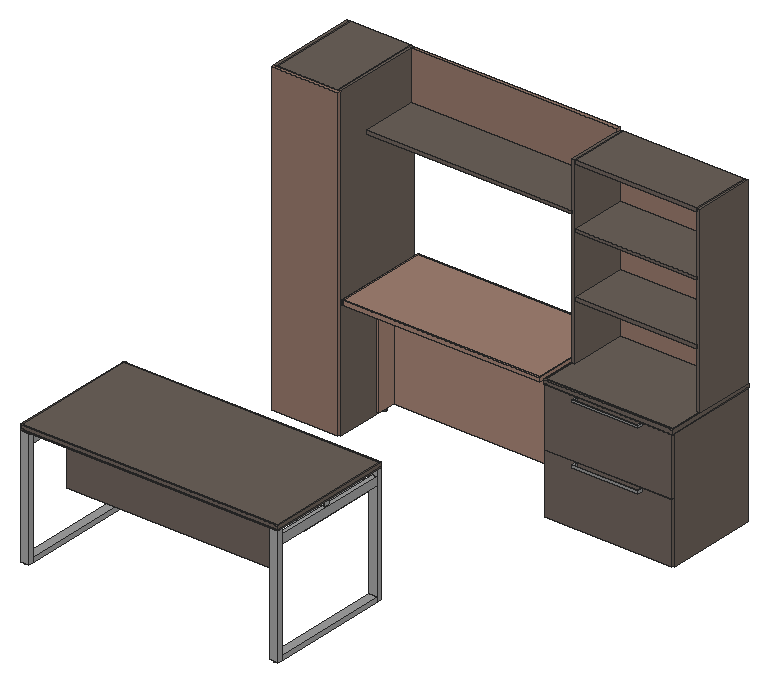
Revit family "T100086", category Furniture Systems, Revit 2022 (continued)
Definition of nested family "OFS STAKS HEIGHT ADJUSTABLE BRIDGE WITH BACK AND END PANEL"
  Nested families (in)
    nested 7: "Grommet" at (18.8125, -3, 29), visible <- "Right Grommet On", Grommet Material <- "Grommet Material", type "Grommet"
      with Grommet Material none
    nested 8: "Pull" at (18.8125, -12, 20.875) x (-1, 0, 0) z (0, 0, 1), type <- "Pull Type", visible <- "Right Side 3 Drawers", Pull Material <- "Pull Finish", type "Parallel"
      with Pull Material none
    nested 9: "Pull" at (18.8125, -12, 27.5) x (-1, 0, 0) z (0, 0, 1), type <- "Pull Type", visible <- "Right Side 3 Drawers", Pull Material <- "Pull Finish", type "Parallel"
      with Pull Material none
    nested 10: "Pull" at (18.8125, -12, 13.875) x (-1, 0, 0) z (0, 0, 1), type <- "Pull Type", visible <- "Right Side 3 Drawers", Pull Material <- "Pull Finish", type "Parallel"
      with Pull Material none
    nested 11: "Pull" at (-18.8125, -12, 27.5) x (-1, 0, 0) z (0, 0, 1), type <- "Pull Type", visible <- "Left Side 3 Drawers", Pull Material <- "Pull Finish", type "Parallel"
      with Pull Material none
    nested 12: "Pull" at (-18.8125, -12, 13.875) x (-1, 0, 0) z (0, 0, 1), type <- "Pull Type", visible <- "Left Side 3 Drawers", Pull Material <- "Pull Finish", type "Parallel"
      with Pull Material none
    nested 13: "Grommet" at (0, -3, 29), visible <- "Center Grommet On", Grommet Material <- "Grommet Material", type "Grommet"
      with Grommet Material none
    nested 14: "Leg Glides" at (-17, -2, 0), Leg Glides Material <- "Leg Glides Material", visible <- "Left Side Pedestal Board", type "Leg Glides"
      with Leg Glides Material none
    nested 15: "Leg Glides" at (-20.625, -2, 0), Leg Glides Material <- "Leg Glides Material", type "Leg Glides"
      with Leg Glides Material none
    nested 16: "Leg Glides" at (-17, -8.875, 0), Leg Glides Material <- "Leg Glides Material", visible <- "Left Side Pedestal Board", type "Leg Glides"
      with Leg Glides Material none
    nested 17: "Leg Glides" at (-20.625, -8.875, 0), Leg Glides Material <- "Leg Glides Material", type "Leg Glides"
      with Leg Glides Material none
    nested 18: "Leg Glides" at (20.625, -2, 0), Leg Glides Material <- "Leg Glides Material", type "Leg Glides"
      with Leg Glides Material none
    nested 19: "Leg Glides" at (17, -2, 0), Leg Glides Material <- "Leg Glides Material", visible <- "Right Side Pedestal Board", type "Leg Glides"
      with Leg Glides Material none
    nested 20: "Leg Glides" at (20.625, -8.875, 0), Leg Glides Material <- "Leg Glides Material", type "Leg Glides"
      with Leg Glides Material none
    nested 21: "Leg Glides" at (17, -8.875, 0), Leg Glides Material <- "Leg Glides Material", visible <- "Right Side Pedestal Board", type "Leg Glides"
      with Leg Glides Material none
    nested 22: "Cable Tray" at (3.89174, -6.75, 28), visible <- "Cable Tray Option", Cable Tray Finish <- "Cable Tray Finish", type "Cable Tray"
      with Length 1' - 11 1/4", Cable Tray Option yes, Cable Tray Finish none
    nested 23: "ADJUSTABLE HEIGHT BASE" at (14.62465, -20.5, -0.705) x (0, -1, 0) z (0, 0, 1), visible <- "Right Side HA Base", Column and Legs Material <- "HA Base Material", type "ADJUSTABLE HEIGHT BASE"
      with Height 2' - 4.705", Column and Legs Material none
    nested 24: "ADJUSTABLE HEIGHT BASE" at (-9.37535, -20.5, -0.705) x (0, -1, 0) z (0, 0, 1), visible <- "Left Side HA Base", type "ADJUSTABLE HEIGHT BASE"
      with Height 2' - 4.705", Column and Legs Material none
  Definition of nested family "Pull"
    Parameters (values of type "Parallel")
      Pull Material [instance] = none
      Parallel = yes
      Default Elevation = 0' - 0"
      Bow = no
    Reference planes (in)
      plane 1 "Center (Front/Back)": y = 0
      plane 2: z = 0
      plane 3 "Center (Left/Right)": x = 0
    Forms (in)
      Extrusion 1, solid, material <- "Pull Material", visible <- "Parallel"
        sketch origin (0, 0, 0) x (1, 0, 0) y (0, 1, 0)
          loop
            line (2.71875, -1) -> (2.71875, 0) -> (2.34375, 0) -> (2.34375, -0.8125) -> (-2.34375, -0.8125) -> (-2.34375, 0) -> (-2.71875, 0) -> (-2.71875, -1) -> (2.71875, -1)
        from -0.23438 to 0.23437
      Extrusion 2, solid, material <- "Pull Material", visible <- "Bow"
        sketch origin (0, 0, 0) x (1, 0, 0) y (0, 1, 0)
          loop
            arc (1.73695, -1) -> (2.43759, -0.70597) -> (2.71858, 0) r 0.9818
            line (2.71858, 0) -> (2.34348, 0)
            arc (2.34348, 0) -> (2.17241, -0.44079) -> (1.73695, -0.625) r 0.6068
            line (1.73695, -0.625) -> (-1.73695, -0.625)
            arc (-1.73695, -0.625) -> (-2.17241, -0.44079) -> (-2.34348, 0) r 0.6068
            line (-2.34348, 0) -> (-2.71858, 0)
            arc (-2.71858, 0) -> (-2.43759, -0.70597) -> (-1.73695, -1) r 0.9818
            line (-1.73695, -1) -> (1.73695, -1)
        from -0.23438 to 0.23437
    Dimensions and locks (in)
      Extrusion 1 to Extrusion 1 = 0' - 0 3/16"
      aligned and locked: plane 2 to level
  Definition of nested family "Grommet"
    Parameters (values of type "Grommet")
      Grommet Material [instance] = none
      Default Elevation = 0' - 0"
    Reference planes (in)
      plane 1 "Center Front/Back": y = 0
      plane 2: z = 0
      plane 3 "Center Left/Right": x = 0
    Forms (in)
      Extrusion 1, solid, material <- "Grommet Material"
        sketch origin (0, 0, 0) x (1, 0, 0) y (0, 1, 0)
          loop
            line (1.2581, 0.90625) -> (-1.2581, 0.90625)
            arc (-1.2581, 0.90625) -> (-1.49544, 0.80794) -> (-1.59375, 0.5706) r 0.33565
            line (-1.59375, 0.5706) -> (-1.59375, -0.5706)
            arc (-1.59375, -0.5706) -> (-1.49544, -0.80794) -> (-1.2581, -0.90625) r 0.33565
            line (-1.2581, -0.90625) -> (1.2581, -0.90625)
            arc (1.2581, -0.90625) -> (1.49544, -0.80794) -> (1.59375, -0.5706) r 0.33565
            line (1.59375, -0.5706) -> (1.59375, 0.5706)
            arc (1.59375, 0.5706) -> (1.49544, 0.80794) -> (1.2581, 0.90625) r 0.33565
          loop
            arc (-0.4465, 0.46875) -> (-0.6832, 0.3707) -> (-0.78125, 0.134) r 0.33475
            line (-0.78125, 0.134) -> (-0.78125, -0.134)
            arc (-0.78125, -0.134) -> (-0.6832, -0.3707) -> (-0.4465, -0.46875) r 0.33475
            line (-0.4465, -0.46875) -> (0.4465, -0.46875)
            arc (0.4465, -0.46875) -> (0.6832, -0.3707) -> (0.78125, -0.134) r 0.33475
            line (0.78125, -0.134) -> (0.78125, 0.134)
            arc (0.78125, 0.134) -> (0.6832, 0.3707) -> (0.4465, 0.46875) r 0.33475
            line (0.4465, 0.46875) -> (-0.4465, 0.46875)
        from 0 to 0.0625
      Extrusion 2, solid, material <- "Grommet Material"
        sketch origin (0, 0, 0) x (1, 0, 0) y (0, 1, 0)
          loop
            line (1.2581, 0.90625) -> (-1.2581, 0.90625)
            arc (-1.2581, 0.90625) -> (-1.49544, 0.80794) -> (-1.59375, 0.5706) r 0.33565
            line (-1.59375, 0.5706) -> (-1.59375, -0.5706)
            arc (-1.59375, -0.5706) -> (-1.49544, -0.80794) -> (-1.2581, -0.90625) r 0.33565
            line (-1.2581, -0.90625) -> (1.2581, -0.90625)
            arc (1.2581, -0.90625) -> (1.49544, -0.80794) -> (1.59375, -0.5706) r 0.33565
            line (1.59375, -0.5706) -> (1.59375, 0.5706)
            arc (1.59375, 0.5706) -> (1.49544, 0.80794) -> (1.2581, 0.90625) r 0.33565
          loop
            line (1.2581, 1) -> (-1.2581, 1)
            arc (-1.2581, 1) -> (-1.56173, 0.87423) -> (-1.6875, 0.5706) r 0.4294
            line (-1.6875, 0.5706) -> (-1.6875, -0.5706)
            arc (-1.6875, -0.5706) -> (-1.56173, -0.87423) -> (-1.2581, -1) r 0.4294
            line (-1.2581, -1) -> (1.2581, -1)
            arc (1.2581, -1) -> (1.56173, -0.87423) -> (1.6875, -0.5706) r 0.4294
            line (1.6875, -0.5706) -> (1.6875, 0.5706)
            arc (1.6875, 0.5706) -> (1.56173, 0.87423) -> (1.2581, 1) r 0.4294
        from 0 to 0.0625
      Sweep 3, solid, material <- "Grommet Material"
        path origin (0, 0, 0) x (1, 0, 0) y (0, 1, 0)
          loop
            arc (-0.4465, 0.46875) -> (-0.6832, 0.3707) -> (-0.78125, 0.134) r 0.33475
            line (-0.78125, 0.134) -> (-0.78125, -0.134)
            arc (-0.78125, -0.134) -> (-0.6832, -0.3707) -> (-0.4465, -0.46875) r 0.33475
            line (-0.4465, -0.46875) -> (0.4465, -0.46875)
            arc (0.4465, -0.46875) -> (0.6832, -0.3707) -> (0.78125, -0.134) r 0.33475
            line (0.78125, -0.134) -> (0.78125, 0.134)
            arc (0.78125, 0.134) -> (0.6832, 0.3707) -> (0.4465, 0.46875) r 0.33475
            line (0.4465, 0.46875) -> (-0.4465, 0.46875)
        profile origin (0, 0.46875, 0) x (0, 1, 0) y (0, 0, 1)
          loop
            arc (0, 0.0625) -> (-0.04419, 0.04419) -> (-0.0625, 0) r 0.0625
            line (-0.0625, 0) -> (0, 0) -> (0, 0.0625)
    Dimensions and locks (in)
      aligned and locked: level to plane 2
  Definition of nested family "Leg Glides"
    Parameters (values of type "Leg Glides")
      Leg Glides Material [instance] = none
      Default Elevation = 0' - 0"
    Reference planes (in)
      plane 1 "Center (Front/Back)": y = 0
      plane 2: z = 0
      plane 3 "Center (Left/Right)": x = 0
    Forms (in)
      Extrusion 1, solid, material <- "Leg Glides Material"
        sketch origin (0, 0, 0) x (1, 0, 0) y (0, 1, 0)
          loop
            circle (0, 0) r 0.375
        from 0 to 0.5
    Dimensions and locks (in)
      aligned and locked: plane 2 to level
  Definition of nested family "Cable Tray"
    Parameters (values of type "Cable Tray")
      Length [instance] = 1' - 10 1/4"
      Default Elevation = 0' - 0"
      Cable Tray Option [instance] = yes
      Cable Tray Finish [instance] = none
    Reference planes (in)
      plane 1 "Center (Front/Back)": y = 0
      plane 2: z = 0
      plane 3 "Center (Left/Right)": x = 0
      plane 4 "1": x = -15.51674
      plane 5: x = 6.73326
    Forms (in)
      Extrusion 1, solid, material <- "Cable Tray Finish", visible <- "Cable Tray Option"
        sketch origin (3.375, -6.65625, -29.7152) x (0, 1, 0) y (0, 0, 1)
          loop
            line (2.83774, 25.62356) -> (4.01177, 27.65704)
            arc (4.01177, 27.65704) -> (4.05435, 27.69962) -> (4.11251, 27.7152) r 0.11632
            line (4.11251, 27.7152) -> (5.65625, 27.7152) -> (5.65625, 27.775) -> (4.11665, 27.775)
            arc (4.11665, 27.775) -> (4.025, 27.75044) -> (3.95791, 27.68335) r 0.1833
            line (3.95791, 27.68335) -> (2.77728, 25.63844)
            arc (2.77728, 25.63844) -> (2.73801, 25.59917) -> (2.68437, 25.5848) r 0.10728
            line (2.68437, 25.5848) -> (0.42261, 25.5848)
            arc (0.42261, 25.5848) -> (0.33508, 25.62106) -> (0.29883, 25.70858) r 0.12378
            line (0.29883, 25.70858) -> (0.29883, 25.8348) -> (0.23903, 25.8348) -> (0.23903, 25.71458)
            arc (0.23903, 25.71458) -> (0.29455, 25.58053) -> (0.4286, 25.525) r 0.18958
            line (0.4286, 25.525) -> (2.66703, 25.525)
            arc (2.66703, 25.525) -> (2.76559, 25.55141) -> (2.83774, 25.62356) r 0.19712
        from -18.89174 to 3.35826
    Dimensions and locks (in)
      "Length": plane 4 "1" to plane 5
      aligned and locked: plane 2 to level
      aligned and locked: Extrusion 1 to plane 4 "1"
      aligned and locked: plane 5 to Extrusion 1
    Automatic sketch dimensions
      plane 1 "Center (Front/Back)" to Extrusion 1 sketch curve = 0' - 6.41722"
      Extrusion 1 sketch curve to Extrusion 1 sketch curve = 0' - 0.0598"  (x2)
      Extrusion 1 sketch curve to Extrusion 1 sketch curve = 0' - 0.12378"
      Extrusion 1 sketch curve to Extrusion 1 sketch curve = 0' - 0.00599"
      Extrusion 1 sketch curve to Extrusion 1 sketch curve = 0' - 2.23842"
      Extrusion 1 sketch curve to Extrusion 1 sketch curve = 0' - 0.01734"
      Extrusion 1 sketch curve to Extrusion 1 sketch curve = 0' - 0.09291"
      Extrusion 1 sketch curve to Extrusion 1 sketch curve = 0' - 0.06046"
      Extrusion 1 sketch curve to Extrusion 1 sketch curve = 0' - 1.12017"
      Extrusion 1 sketch curve to Extrusion 1 sketch curve = 0' - 0.05386"
      Extrusion 1 sketch curve to Extrusion 1 sketch curve = 0' - 0.10074"
      Extrusion 1 sketch curve to Extrusion 1 sketch curve = 0' - 0.00414"
      plane 1 "Center (Front/Back)" to Extrusion 1 sketch curve = 0' - 1"
      Extrusion 1 sketch curve to level = 0' - 4.1902"
      Extrusion 1 sketch curve to Extrusion 1 sketch curve = 0' - 0.03876"
      Extrusion 1 sketch curve to Extrusion 1 sketch curve = 0' - 0.01488"
      Extrusion 1 sketch curve to Extrusion 1 sketch curve = 0' - 0.12622"
      Extrusion 1 sketch curve to level = 0' - 2.1235"
      Extrusion 1 sketch curve to Extrusion 1 sketch curve = 0' - 0.00718"
      Extrusion 1 sketch curve to Extrusion 1 sketch curve = 0' - 0.05816"
      Extrusion 1 sketch curve to Extrusion 1 sketch curve = 0' - 0.02631"
  Definition of nested family "ADJUSTABLE HEIGHT BASE"
    Parameters (values of type "ADJUSTABLE HEIGHT BASE")
      Width = 0' - 3"
      URL = "http://www.ofs.com/"
      Depth = 2' - 2"
      Model = "HA30CRE"
      Manufacturer = "OFS"
      Height [instance] = 2' - 3 7/8"
      Description = "OFS STAKS CENTER ELECTRIC ADJUSTABLE HEIGHT BASE 30in Rectangular, Use with 24.125\" - 30\"D Rectangular Top"
      Default Elevation = 0' - 0"
      Copyright © = "© 2018 OFS"
      Column and Legs Material [instance] = none
      Catalog = "https://ofs.com/products/casegoods/private-office/staks"
      Authoring Version = "Autodesk Revit Architecture 2013"
      Assembly Code = "E2020200"
    Reference planes (in)
      plane 1: z = 0
      plane 2 "Center (Front/Back)": y = -2.62465
      plane 3 "Center (Left/Right)": x = -18
      plane 4 "H LEG TOP": z = 27.875
      plane 5: x = -15
      plane 6: x = -13.5
      plane 7: y = -15.62465
      plane 8: y = 10.37535
      plane 9 "CENTER": x = -16.5
      plane 10: z = 1.955
      plane 11: z = 0.455
      plane 12: x = -17.5
      plane 13: x = -15.5
      plane 14: y = 9.12535
      plane 15: y = -14.37465
      plane 16: y = -1.12465
      plane 17: y = -4.12465
      plane 18: z = 25.34078
      plane 19: z = 26.375
      plane 20: z = 27.125
      plane 21: y = -4.49965
      plane 22: y = -0.74965
      plane 23: y = -5.99965
      plane 24: y = 0.75035
      plane 25: x = -17.63484
      plane 26: x = -19.13484
      plane 27: y = -15.49965
      plane 28: y = 10.25035
    Forms (in)
      Extrusion 1, solid, material <- "Column and Legs Material"
        sketch origin (0, 0, 27.875) x (0, -1, 0) y (1, 0, 0)
          loop
            arc (1.12465, -17.25) -> (1.19787, -17.42678) -> (1.37465, -17.5) r 0.25
            line (1.37465, -17.5) -> (3.87465, -17.5)
            arc (3.87465, -17.5) -> (4.05143, -17.42678) -> (4.12465, -17.25) r 0.25
            line (4.12465, -17.25) -> (4.12465, -15.75)
            arc (4.12465, -15.75) -> (4.05143, -15.57322) -> (3.87465, -15.5) r 0.25
            line (3.87465, -15.5) -> (1.37465, -15.5)
            arc (1.37465, -15.5) -> (1.19787, -15.57322) -> (1.12465, -15.75) r 0.25
            line (1.12465, -15.75) -> (1.12465, -17.25)
        from -25.92 to -2.53422
      Extrusion 2, solid, material <- "Column and Legs Material"
        sketch origin (19.74279, 0.10259, 27.875) x (0, -1, 0) y (1, 0, 0)
          loop
            line (0.85224, -30.69457) -> (0.85224, -37.12762)
            arc (0.85224, -37.12762) -> (0.92547, -37.3044) -> (1.10224, -37.37762) r 0.25
            line (1.10224, -37.37762) -> (4.35224, -37.37762)
            arc (4.35224, -37.37762) -> (4.52902, -37.3044) -> (4.60224, -37.12762) r 0.25
            line (4.60224, -37.12762) -> (4.60224, -30.69457)
            arc (4.60224, -30.69457) -> (4.52902, -30.5178) -> (4.35224, -30.44457) r 0.25
            line (4.35224, -30.44457) -> (1.10224, -30.44457)
            arc (1.10224, -30.44457) -> (0.92547, -30.5178) -> (0.85224, -30.69457) r 0.25
        from -0.75 to 0
      Blend 3, solid, material <- "Column and Legs Material"
        base sketch origin (0, 0, 27.875) x (0, -1, 0) y (1, 0, 0)
          loop
            line (4.24965, -10.70179) -> (0.99965, -10.70179)
            arc (0.99965, -10.70179) -> (0.82287, -10.77501) -> (0.74965, -10.95179) r 0.25
            line (0.74965, -10.95179) -> (0.74965, -17.38484)
            arc (0.74965, -17.38484) -> (0.82287, -17.56161) -> (0.99965, -17.63484) r 0.25
            line (0.99965, -17.63484) -> (4.24965, -17.63484)
            arc (4.24965, -17.63484) -> (4.42643, -17.56161) -> (4.49965, -17.38484) r 0.25
            line (4.49965, -17.38484) -> (4.49965, -10.95179)
            arc (4.49965, -10.95179) -> (4.42643, -10.77501) -> (4.24965, -10.70179) r 0.25
        top sketch origin (0, 0, 27.875) x (0, -1, 0) y (1, 0, 0)
          loop
            arc (4.12465, -11.45179) -> (4.05143, -11.27501) -> (3.87465, -11.20179) r 0.25
            line (3.87465, -11.20179) -> (1.37465, -11.20179)
            arc (1.37465, -11.20179) -> (1.19787, -11.27501) -> (1.12465, -11.45179) r 0.25
            line (1.12465, -11.45179) -> (1.12465, -17.25)
            arc (1.12465, -17.25) -> (1.19787, -17.42678) -> (1.37465, -17.5) r 0.25
            line (1.37465, -17.5) -> (3.87465, -17.5)
            arc (3.87465, -17.5) -> (4.05143, -17.42678) -> (4.12465, -17.25) r 0.25
            line (4.12465, -17.25) -> (4.12465, -11.45179)
        from -0.75 to -1.5
      Extrusion 4, solid, material <- "Column and Legs Material"
        sketch origin (0, 0, 27.875) x (0, -1, 0) y (1, 0, 0)
          loop
            line (3.87465, -15.625) -> (1.37465, -15.625)
            arc (1.37465, -15.625) -> (1.28626, -15.66161) -> (1.24965, -15.75) r 0.125
            line (1.24965, -15.75) -> (1.24965, -17.25)
            arc (1.24965, -17.25) -> (1.28626, -17.33839) -> (1.37465, -17.375) r 0.125
            line (1.37465, -17.375) -> (3.87465, -17.375)
            arc (3.87465, -17.375) -> (3.96304, -17.33839) -> (3.99965, -17.25) r 0.125
            line (3.99965, -17.25) -> (3.99965, -15.75)
            arc (3.99965, -15.75) -> (3.96304, -15.66161) -> (3.87465, -15.625) r 0.125
        from -2.53422 to -1.5
      Extrusion 5, solid, material <- "Column and Legs Material"
        sketch origin (0, -2.62465, 0) x (1, 0, 0) y (0, 0, 1)
          loop
            line (-17.63484, 27.875) -> (-19.13484, 27.875) -> (-19.13484, 27.75) -> (-17.75984, 27.75) -> (-17.75984, 26.875) -> (-17.63484, 26.875) -> (-17.63484, 27.875)
        from -1.5 to 1.5
      Extrusion 6, solid, material <- "Column and Legs Material"
        sketch origin (-15.75984, 13.13518, 0) x (0, 1, 0) y (0, 0, -1)
          loop
            line (-17.63484, -27.875) -> (-17.63484, -27.125) -> (-17.75984, -27.125) -> (-17.75984, -27.75) -> (-19.13484, -27.75) -> (-19.13484, -27.875) -> (-17.63484, -27.875)
        from -4.55805 to 1.74016
      Extrusion 7, solid, material <- "Column and Legs Material"
        sketch origin (-15.75984, -18.38449, 0) x (0, -1, 0) y (0, 0, 1)
          loop
            line (-17.63484, 27.875) -> (-19.13484, 27.875) -> (-19.13484, 27.75) -> (-17.75984, 27.75) -> (-17.75984, 27.125) -> (-17.63484, 27.125) -> (-17.63484, 27.875)
        from -4.55805 to 1.74016
    Dimensions and locks (in)
      equal spacing: plane 7, plane 2 "Center (Front/Back)", plane 8
      "Depth": plane 7 to plane 8
      "Height": plane 4 "H LEG TOP" to plane 1
      equal spacing: plane 3 "Center (Left/Right)", plane 9 "CENTER", plane 5
      "Width": plane 3 "Center (Left/Right)" to plane 5
      plane 10 to plane 11 to plane 1 = 0' - 1 1/2" locked, 0' - 0.455" locked
      locked: plane 13 to plane 5 at 0.5
      locked: plane 3 "Center (Left/Right)" to plane 12 at 0.5
      locked: plane 14 to plane 8 at 1.25
      locked: plane 15 to plane 7 at 1.25
      plane 23 to plane 21 to plane 17 to plane 2 "Center (Front/Back)" to plane 16 to plane 22 to plane 24 = 0' - 1 1/2" locked, 0' - 0 3/8" locked, 0' - 1 1/2" locked, 0' - 1 1/2" locked, 0' - 0 3/8" locked, 0' - 1 1/2" locked
      locked: plane 18 to plane 10 at 23.38578
      plane 26 to plane 25 to plane 12 = 0' - 1 1/2" locked, 0' - 0.13484" locked
      locked: plane 7 to plane 27 at 0.125
      locked: plane 8 to plane 28 at 0.125
      plane 4 "H LEG TOP" to plane 20 to plane 19 = 0' - 0 3/4" locked, 0' - 0 3/4" locked
      aligned and locked: level to plane 1
      aligned and locked: Extrusion 1 sketch curve to plane 16
      aligned and locked: Extrusion 1 sketch curve to plane 12
      aligned and locked: Extrusion 1 sketch curve to plane 17
      aligned and locked: plane 13 to Extrusion 1 sketch curve
      aligned and locked: Extrusion 1 to plane 10
      aligned and locked: plane 18 to Extrusion 1
      aligned and locked: Extrusion 2 to plane 22
      aligned and locked: Extrusion 2 to plane 21
      aligned and locked: Extrusion 2 to plane 20
      aligned and locked: Extrusion 2 to plane 4 "H LEG TOP"
      aligned and locked: plane 17 to Blend 3 sketch curve
      aligned and locked: plane 16 to Blend 3 sketch curve
      aligned and locked: plane 20 to Blend 3
      aligned and locked: Blend 3 to plane 19
      aligned and locked: Extrusion 4 to plane 18
      aligned and locked: plane 19 to Extrusion 4
      aligned and locked: Extrusion 5 sketch curve to plane 4 "H LEG TOP"
      aligned and locked: Extrusion 5 sketch curve to plane 25
      aligned and locked: Extrusion 5 sketch curve to plane 26
      aligned and locked: Extrusion 5 sketch curve to Extrusion 5 sketch curve
      aligned and locked: Extrusion 5 to plane 16
      aligned and locked: Extrusion 5 to plane 17
      aligned and locked: Extrusion 6 sketch curve to Extrusion 6 sketch curve
      aligned and locked: Extrusion 6 to plane 12
      aligned and locked: Extrusion 7 sketch curve to Extrusion 7 sketch curve
      aligned and locked: Extrusion 2 to Extrusion 6
      aligned and locked: Extrusion 7 to Extrusion 2
    Automatic sketch dimensions
      plane 16 to Extrusion 1 sketch curve = 0' - 0 1/4"  (x2)
      plane 12 to Extrusion 1 sketch curve = 0' - 0 1/4"
      plane 17 to Extrusion 1 sketch curve = 0' - 0 1/4"
      plane 22 to Extrusion 2 sketch curve = 0' - 0"
      Extrusion 2 sketch curve to plane 25 = 0' - 0"
      Extrusion 2 sketch curve to plane 21 = 0' - 0"
      plane 12 to Extrusion 2 sketch curve = 0' - 0.11516"
      Extrusion 2 sketch curve to plane 16 = 0' - 0 1/8"  (x2)
      Extrusion 2 sketch curve to plane 17 = 0' - 0 1/8"
      plane 6 to Extrusion 2 sketch curve = 0' - 2.54821"
      plane 22 to Blend 3 sketch curve = 0' - 0"
      Blend 3 sketch curve to plane 25 = 0' - 0"
      Blend 3 sketch curve to plane 21 = 0' - 0"
      plane 12 to Blend 3 sketch curve = 0' - 0.11516"
      Blend 3 sketch curve to plane 16 = 0' - 0 1/8"  (x2)
      Blend 3 sketch curve to plane 17 = 0' - 0 1/8"
      plane 6 to Blend 3 sketch curve = 0' - 2.54821"
      Blend 3 sketch curve to plane 12 = 0' - 0"
      plane 16 to Blend 3 sketch curve = 0' - 0 1/4"  (x2)
      plane 12 to Blend 3 sketch curve = 0' - 0 1/4"
      plane 17 to Blend 3 sketch curve = 0' - 0 1/4"
      plane 6 to Blend 3 sketch curve = 0' - 2.04821"
      plane 16 to Extrusion 4 sketch curve = 0' - 0 1/8"
      plane 12 to Extrusion 4 sketch curve = 0' - 0 1/8"
      Extrusion 4 sketch curve to Extrusion 4 sketch curve = 0' - 0 1/8"  (x2)
      Extrusion 4 sketch curve to plane 13 = 0' - 0 1/8"
      plane 17 to Extrusion 4 sketch curve = 0' - 0 1/4"  (x2)
      plane 17 to Extrusion 4 sketch curve = 0' - 0 1/8"
      Extrusion 5 sketch curve to plane 25 = 0' - 0 1/8"
      plane 19 to Extrusion 5 sketch curve = 0' - 0 1/2"
      plane 4 "H LEG TOP" to Extrusion 5 sketch curve = 0' - 0 1/8"
      plane 4 "H LEG TOP" to Extrusion 6 sketch curve = 0' - 0"
      Extrusion 6 sketch curve to plane 23 = 0' - 0"
      Extrusion 6 sketch curve to plane 21 = 0' - 0"
      plane 4 "H LEG TOP" to Extrusion 6 sketch curve = 0' - 0 1/8"
      Extrusion 6 sketch curve to plane 21 = 0' - 0 1/8"
      plane 19 to Extrusion 6 sketch curve = 0' - 0 3/4"
      plane 4 "H LEG TOP" to Extrusion 7 sketch curve = 0' - 0"
      Extrusion 7 sketch curve to plane 24 = 0' - 0"
      Extrusion 7 sketch curve to plane 22 = 0' - 0"
      plane 19 to Extrusion 7 sketch curve = 0' - 0 3/4"
      Extrusion 7 sketch curve to plane 22 = 0' - 0 1/8"
      plane 4 "H LEG TOP" to Extrusion 7 sketch curve = 0' - 0 1/8"
Definition of nested family "STAKS SUPPORT O LEG"
  Parameters (values of type "STAKS SUPPORT O LEG 36")
    URL = "http://www.ofs.com/"
    Width = 3' - 0"
    PANEL INSERT = no
    Model = "6-36OB1"
    Manufacturer = "OFS"
    Description = "OFS STAKS SUPPORT O LEG 36\" Width, Use with 36\"D Worksurface (set of two)"
    Default Elevation = 0' - 0"
    Copyright © = "© 2018 OFS"
    Catalog = "https://ofs.com/products/casegoods/private-office/staks"
    Authoring Version = "Autodesk Revit Architecture 2013"
    Assembly Code = "E2020200"
  Types (6): name | Width | PANEL INSERT | Model | Description
    STAKS SUPPORT O LEG 22 | 1' - 10" | no | "6-22OB2" | "OFS STAKS SUPPORT O LEG 22\" Width, Use with 22\"D Worksurface (set of two)"
    STAKS SUPPORT O LEG 30 | 2' - 6" | no | "6-30OB2" | "OFS STAKS SUPPORT O LEG 30\" Width, Use with 30\"D Worksurface (set of two)"
    STAKS SUPPORT O LEG 36 | 3' - 0" | no | "6-36OB1" | "OFS STAKS SUPPORT O LEG 36\" Width, Use with 36\"D Worksurface (set of two)"
    STAKS SUPPORT WITH PANEL INSERT O LEG 22 | 1' - 10" | yes | "6-22OBP2" | "OFS STAKS SUPPORT WITH PANEL INSERT O LEG 22\" Width, Use with 22\"D Worksurface (set of two)"
    STAKS SUPPORT WITH PANEL INSERT O LEG 30 | 2' - 6" | yes | "6-30OBP2" | "OFS STAKS SUPPORT WITH PANEL INSERT O LEG 30\" Width, Use with 30\"D Worksurface (set of two)"
    STAKS SUPPORT WITH PANEL INSERT O LEG 36 | 3' - 0" | yes | "6-36OBP1" | "OFS STAKS SUPPORT WITH PANEL INSERT O LEG 36\" Width, Use with 36\"D Worksurface (single base)"
  Reference planes (in)
    plane 1: z = 0
    plane 2 "Center (Front/Back)": y = -2.62465
    plane 3 "Center (Left/Right)": x = -17.5
    plane 4 "H LEG TOP": z = 27.875
    plane 5: x = -15.5
    plane 6: x = -13.5
    plane 7: y = -20.62465
    plane 8: y = 15.37535
    plane 9: z = 27.681
    plane 10: y = 14.37535
    plane 11: y = -19.62465
    plane 12: z = 26.306
    plane 13: z = 24.306
    plane 14 "CENTER": x = -16.5
    plane 15: z = 25.556
    plane 16: z = 0.25
    plane 17: y = -20.12465
    plane 18: y = 14.87535
    plane 19: y = -18.56165
    plane 20: y = 13.31235
  Forms (in)
    Extrusion 1, solid
      sketch origin (0, 0, 27.875) x (0, -1, 0) y (1, 0, 0)
        loop
          line (-15.37535, -15.5) -> (-15.37535, -17.5) -> (20.62465, -17.5) -> (20.62465, -15.5) -> (19.47015, -13.5) -> (-14.22085, -13.5) -> (-15.37535, -15.5)
      from -0.194 to 0
    Extrusion 2, solid
      sketch origin (0, 0, 27.875) x (0, -1, 0) y (1, 0, 0)
        loop
          line (-14.37535, -15.5) -> (-15.37535, -15.5) -> (-15.37535, -17.5) -> (-14.37535, -17.5) -> (-14.37535, -15.5)
      from -27.625 to -0.194
    Extrusion 3, solid
      sketch origin (0, 0, 27.875) x (0, -1, 0) y (1, 0, 0)
        loop
          line (19.62465, -17.5) -> (20.62465, -17.5) -> (20.62465, -15.5) -> (19.62465, -15.5) -> (19.62465, -17.5)
      from -27.625 to -0.194
    Extrusion 4, solid
      sketch origin (0.186, -1.24965, 0.5) x (1, 0, 0) y (0, 0, 1)
        loop
          line (-16.5, 25.806) -> (-17.5, 25.806) -> (-17.5, 23.806) -> (-16.5, 23.806) -> (-16.5, 25.806)
      from -15.625 to 18.375
    Revolve 5, solid
      sketch origin (-16.5, 0, 0) x (0, 1, 0) y (0, 0, 1)
        loop
          line (-20.12465, 0.25) -> (-20.37465, 0.25)
          arc (-20.37465, 0.25) -> (-20.49965, 0.125) -> (-20.37465, 0) r 0.125
          line (-20.37465, 0) -> (-20.12465, 0) -> (-20.12465, 0.25)
        axis (-20.12465, 0.25) -> (-20.12465, 0)
      angle from 0 to 360
    Revolve 6, solid
      sketch origin (-16.5, -5.2493, 0) x (0, -1, 0) y (0, 0, 1)
        loop
          line (-20.12465, 0.25) -> (-20.37465, 0.25)
          arc (-20.37465, 0.25) -> (-20.49965, 0.125) -> (-20.37465, 0) r 0.125
          line (-20.37465, 0) -> (-20.12465, 0) -> (-20.12465, 0.25)
        axis (-20.12465, 0.25) -> (-20.12465, 0)
      angle from 0 to 360
    Extrusion 7, solid
      sketch origin (0, 0, 27.875) x (0, -1, 0) y (1, 0, 0)
        loop
          line (3.21465, -16.6565) -> (2.03465, -16.6565) -> (2.03465, -16.9715) -> (3.21465, -16.9715) -> (3.21465, -16.6565)
      from -1.569 to -0.194
    Extrusion 8, solid
      sketch origin (0, -2.62465, 0) x (1, 0, 0) y (0, 0, 1)
        loop
          line (-15.5, 27.601) -> (-15.21046, 26.95067)
          arc (-15.21046, 26.95067) -> (-15.12453, 26.89491) -> (-15.03867, 26.95076) r 0.094
          line (-15.03867, 26.95076) -> (-14.75, 27.601) -> (-14.125, 27.601) -> (-14.125, 27.681) -> (-14.80201, 27.681) -> (-15.12453, 26.95451) -> (-15.44799, 27.681) -> (-16.125, 27.681) -> (-16.125, 27.601) -> (-15.5, 27.601)
      from -15.937 to 15.937
    Extrusion 9, solid
      sketch origin (8.306, -1.24965, 17.75) x (0, 0, 1) y (-1, 0, 0)
        loop
          line (-16.5, 25.806) -> (-17.5, 25.806) -> (-17.5, 23.806) -> (-16.5, 23.806) -> (-16.5, 25.806)
      from -15.625 to 18.375
    Extrusion 10, solid, visible <- "PANEL INSERT"
      sketch origin (-33, -1.24965, 0) x (-1, 0, 0) y (0, 0, -1)
        loop
          line (-15.75, -24.306) -> (-15.75, -1.25) -> (-16.5, -1.25) -> (-16.5, -24.306) -> (-15.75, -24.306)
      from -15.625 to 18.375
  Lines and regions (in)
    Masking region 1
      outline origin (0, 0, 27.875) x (0, -1, 0) y (1, 0, 0)
        loop
          line (20.62465, -15.5) -> (19.47015, -13.5) -> (-14.22085, -13.5) -> (-15.37535, -15.5) -> (-15.37535, -17.5) -> (20.62465, -17.5) -> (20.62465, -15.5)
    Masking region 2
      outline origin (0, 0, 27.875) x (0, -1, 0) y (1, 0, 0)
        loop
          line (-14.37535, -15.5) -> (-15.37535, -15.5) -> (-15.37535, -17.5) -> (-14.37535, -17.5) -> (-14.37535, -15.5)
    Masking region 3
      outline origin (0, 0, 27.875) x (0, -1, 0) y (1, 0, 0)
        loop
          line (20.62465, -15.5) -> (19.62465, -15.5) -> (19.62465, -17.5) -> (20.62465, -17.5) -> (20.62465, -15.5)
  Dimensions and locks (in)
    plane 3 "Center (Left/Right)" to plane 5 to plane 6 = 0' - 2" locked, 0' - 2" locked
    equal spacing: plane 7, plane 2 "Center (Front/Back)", plane 8
    "Width": plane 7 to plane 8
    locked: plane 4 "H LEG TOP" to plane 9 at 0.194
    locked: plane 9 to plane 12 at 1.375
    locked: plane 12 to plane 13 at 2
    locked: plane 9 to plane 15 at 2.125
    locked: plane 4 "H LEG TOP" to plane 1 at 27.875
    locked: plane 16 to plane 1 at 0.25
    plane 7 to plane 17 to plane 11 to plane 19 = 0' - 0 1/2" locked, 0' - 0 1/2" locked, 0' - 1.063" locked
    plane 20 to plane 10 to plane 18 to plane 8 = 0' - 1.063" locked, 0' - 0 1/2" locked, 0' - 0 1/2" locked
    aligned and locked: level to plane 1
    aligned and locked: plane 9 to Extrusion 1
    aligned and locked: Extrusion 1 to plane 4 "H LEG TOP"
    aligned and locked: Extrusion 1 to plane 8
    aligned and locked: plane 7 to Extrusion 1
    aligned and locked: Extrusion 1 sketch curve to plane 3 "Center (Left/Right)"
    aligned and locked: Extrusion 1 sketch curve to plane 8
    aligned and locked: Extrusion 1 sketch curve to plane 6
    aligned and locked: plane 7 to Extrusion 1 sketch curve
    aligned: Extrusion 3 to plane 1
    aligned and locked: Extrusion 3 to plane 9
    aligned and locked: Extrusion 2 to plane 9
    aligned: Extrusion 2 to plane 1
    aligned and locked: Extrusion 2 sketch curve to plane 8
    aligned and locked: plane 5 to Extrusion 2 sketch curve
    aligned and locked: Extrusion 2 sketch curve to plane 3 "Center (Left/Right)"
    aligned and locked: plane 10 to Extrusion 2 sketch curve
    aligned and locked: plane 7 to Extrusion 3 sketch curve
    aligned and locked: plane 5 to Extrusion 3 sketch curve
    aligned and locked: Extrusion 3 sketch curve to plane 11
    aligned and locked: Extrusion 3 sketch curve to plane 3 "Center (Left/Right)"
    aligned and locked: Extrusion 4 sketch curve to plane 12
    aligned and locked: plane 13 to Extrusion 4 sketch curve
    aligned: Extrusion 4 sketch curve to plane 3 "Center (Left/Right)"
    aligned: plane 14 "CENTER" to Extrusion 4 sketch curve
    aligned and locked: Extrusion 4 to plane 10
    aligned and locked: plane 11 to Extrusion 4
    aligned and locked: plane 16 to Extrusion 2
    aligned and locked: plane 16 to Extrusion 3
    aligned and locked: Revolve 5 sketch curve to plane 17
    aligned and locked: Revolve 5 sketch curve to plane 16
    aligned and locked: Extrusion 7 to plane 9
    aligned and locked: plane 12 to Extrusion 7
    aligned and locked: Extrusion 8 to plane 20
    aligned and locked: plane 19 to Extrusion 8
    aligned and locked: plane 11 to Extrusion 9
    aligned and locked: Extrusion 9 to plane 10
    aligned and locked: Extrusion 10 to plane 10
    aligned and locked: plane 11 to Extrusion 10
  Automatic sketch dimensions
    Extrusion 1 sketch curve to plane 5 = 0' - 0"  (x2)
    plane 10 to Extrusion 1 sketch curve = 0' - 0.1545"
    Extrusion 1 sketch curve to plane 11 = 0' - 0.1545"
    Masking region 1 sketch curve to plane 5 = 0' - 0"  (x2)
    plane 8 to Masking region 1 sketch curve = 0' - 0"
    Masking region 1 sketch curve to plane 6 = 0' - 0"
    plane 7 to Masking region 1 sketch curve = 0' - 0"
    Masking region 1 sketch curve to plane 3 "Center (Left/Right)" = 0' - 0"
    plane 10 to Masking region 1 sketch curve = 0' - 0.1545"
    Masking region 1 sketch curve to plane 11 = 0' - 0.1545"
    Masking region 2 sketch curve to plane 5 = 0' - 0"
    plane 8 to Masking region 2 sketch curve = 0' - 0"
    Masking region 2 sketch curve to plane 3 "Center (Left/Right)" = 0' - 0"
    plane 10 to Masking region 2 sketch curve = 0' - 0"
    Masking region 3 sketch curve to plane 5 = 0' - 0"
    plane 11 to Masking region 3 sketch curve = 0' - 0"
    Masking region 3 sketch curve to plane 3 "Center (Left/Right)" = 0' - 0"
    plane 7 to Masking region 3 sketch curve = 0' - 0"
    plane 3 "Center (Left/Right)" to Extrusion 4 sketch curve = 0' - 0.186"
    plane 14 "CENTER" to Extrusion 4 sketch curve = 0' - 0.186"
    Revolve 5 sketch curve to level = 0' - 0"  (x2)
    Revolve 5 sketch curve to plane 7 = 0' - 0 1/4"
    Revolve 5 sketch curve to plane 17 = 0' - 0"
    plane 16 to Revolve 5 sketch curve = 0' - 0"
    Revolve 6 sketch curve to level = 0' - 0"  (x2)
    plane 16 to Revolve 6 sketch curve = 0' - 0"  (x2)
    Revolve 6 sketch curve to plane 18 = 0' - 0"  (x2)
    Revolve 6 sketch curve to plane 8 = 0' - 0 1/4"
    Extrusion 7 sketch curve to plane 14 "CENTER" = 0' - 0.1565"
    Extrusion 7 sketch curve to plane 2 "Center (Front/Back)" = 0' - 0.59"
    Extrusion 7 sketch curve to plane 14 "CENTER" = 0' - 0.4715"
    plane 2 "Center (Front/Back)" to Extrusion 7 sketch curve = 0' - 0.59"
    Extrusion 8 sketch curve to plane 9 = 0' - 0"  (x2)
    Extrusion 8 sketch curve to plane 5 = 0' - 0"
    plane 5 to Extrusion 8 sketch curve = 0' - 0.28954"
    Extrusion 8 sketch curve to plane 12 = 0' - 0.64467"
    plane 14 "CENTER" to Extrusion 8 sketch curve = 0' - 0 3/8"
    plane 5 to Extrusion 8 sketch curve = 0' - 0.05201"
    Extrusion 8 sketch curve to Extrusion 8 sketch curve = 0' - 0 11/128"
    Extrusion 8 sketch curve to Extrusion 8 sketch curve = 0' - 0.08587"
    Extrusion 8 sketch curve to Extrusion 8 sketch curve = 0' - 0.64597"
    plane 9 to Extrusion 8 sketch curve = 0' - 0.08"
    Extrusion 8 sketch curve to Extrusion 8 sketch curve = 0' - 0.05201"
    Extrusion 8 sketch curve to plane 6 = 0' - 0 5/8"
    Extrusion 8 sketch curve to Extrusion 8 sketch curve = 0' - 0.00005"
    Extrusion 8 sketch curve to Extrusion 8 sketch curve = 0' - 0.00009"
    Extrusion 8 sketch curve to Extrusion 8 sketch curve = 0' - 0.03439"
    Extrusion 8 sketch curve to Extrusion 8 sketch curve = 0' - 0.08"
    Extrusion 9 sketch curve to plane 3 "Center (Left/Right)" = 0' - 0"
    Extrusion 9 sketch curve to plane 16 = 0' - 0"
    Extrusion 9 sketch curve to plane 5 = 0' - 0"
    Extrusion 9 sketch curve to Extrusion 9 sketch curve = 0' - 1"
    Extrusion 10 sketch curve to plane 13 = 0' - 0"
    Extrusion 10 sketch curve to plane 14 "CENTER" = 0' - 0"
    plane 3 "Center (Left/Right)" to Extrusion 10 sketch curve = 0' - 0 1/4"
    Extrusion 10 sketch curve to plane 16 = 0' - 1"
Definition of nested family "STAKS WALL SHELF"
  Parameters (values of type "STAKS WALL SHELF 96in")
    URL = "http://www.ofs.com/"
    Top Board Thickness = 0' - 1 1/16"
    Height Above Floor [instance] = 5' - 11 1/2"
    Height = 1' - 0"
    Front Doors Material = none
    Default Elevation = 0' - 0"
    Back Material = none
    Depth = 1' - 2"
    Model = "6-9614WS"
    Manufacturer = "OFS"
    Description = "OFS STAKS WALL SHELF 96\" Width, 12\" Deep Fixed Shelf"
    Width = 8' - 0"
    Copyright © = "© 2018 OFS"
    Catalog = "https://ofs.com/products/casegoods/private-office/staks"
    Board Material = none
    Board Thickness = 0' - 0 3/4"
    Authoring Version = "Autodesk Revit Architecture 2013"
    Assembly Code = "E2020200"
    2D Symbol Lines [instance] = yes
  Types (7): name | Model | Description | Width
    STAKS WALL SHELF 60in | "6-6014WS" | "OFS STAKS WALL SHELF 60\" Width, 12\" Deep Fixed Shelf" | 5' - 0"
    STAKS WALL SHELF 66in | "6-6614WS" | "OFS STAKS WALL SHELF 66\" Width, 12\" Deep Fixed Shelf" | 5' - 6"
    STAKS WALL SHELF 72in | "6-7214WS" | "OFS STAKS WALL SHELF 72\" Width, 12\" Deep Fixed Shelf" | 6' - 0"
    STAKS WALL SHELF 78in | "6-7814WS" | "OFS STAKS WALL SHELF 78\" Width, 12\" Deep Fixed Shelf" | 6' - 6"
    STAKS WALL SHELF 84in | "6-8414WS" | "OFS STAKS WALL SHELF 84\" Width, 12\" Deep Fixed Shelf" | 7' - 0"
    STAKS WALL SHELF 90in | "6-9014WS" | "OFS STAKS WALL SHELF 90\" Width, 12\" Deep Fixed Shelf" | 7' - 6"
    STAKS WALL SHELF 96in | "6-9614WS" | "OFS STAKS WALL SHELF 96\" Width, 12\" Deep Fixed Shelf" | 8' - 0"
  Reference planes (in)
    plane 1: z = -0.125
    plane 2 "LEFT": x = -20.94502
    plane 3 "RIGHT": x = 75.05498
    plane 4 "FRONT": y = -15.33365
    plane 5: z = 59.375
    plane 6 "SURFACE TOP": z = 71.375
    plane 7: x = 27.05498
    plane 8: z = 70.3125
    plane 9: y = -1.33365
    plane 10: z = 60.125
    plane 11: y = -2.08365
  Forms (in)
    Extrusion 1, solid, material <- "Board Material"
      sketch origin (0, 0, 71.375) x (0, 1, 0) y (-1, 0, 0)
        loop
          line (-2.08365, 20.94502) -> (-15.33365, 20.94502) -> (-15.33365, -75.05498) -> (-2.08365, -75.05498) -> (-2.08365, 20.94502)
      from -12 to -11.25
    Extrusion 2, solid, material <- "Back Material"
      sketch origin (30.99601, 21.63396, 71.375) x (0, 1, 0) y (-1, 0, 0)
        loop
          line (-22.96762, 51.94103) -> (-23.71762, 51.94103) -> (-23.71762, -44.05897) -> (-22.96762, -44.05897) -> (-22.96762, 51.94103)
      from 0 to -12
  Dimensions and locks (in)
    "Width": plane 2 "LEFT" to plane 3 "RIGHT"
    "Height": plane 6 "SURFACE TOP" to plane 5
    "Height Above Floor": plane 6 "SURFACE TOP" to level
    equal spacing: plane 2 "LEFT", plane 7, plane 3 "RIGHT"
    "Board Thickness": plane 10 to plane 5
    "Board Thickness": plane 9 to plane 11
    "Depth": plane 9 to plane 4 "FRONT"
    aligned: level to plane 1
    aligned and locked: Extrusion 1 sketch curve to plane 4 "FRONT"
    aligned and locked: Extrusion 2 to plane 5
    aligned and locked: Extrusion 1 to plane 10
    aligned and locked: Extrusion 1 to plane 5
    aligned and locked: Extrusion 2 to plane 9
    aligned and locked: Extrusion 1 to plane 11
    aligned and locked: Extrusion 2 to plane 11
    aligned and locked: Extrusion 1 to plane 2 "LEFT"
    aligned and locked: plane 3 "RIGHT" to Extrusion 1
    aligned and locked: plane 3 "RIGHT" to Extrusion 2
    aligned and locked: Extrusion 2 to plane 2 "LEFT"
    aligned and locked: plane 6 "SURFACE TOP" to Extrusion 2
  Automatic sketch dimensions
    plane 11 to Extrusion 2 sketch curve = 0' - 0 3/4"
    Extrusion 1 sketch curve to plane 11 = 0' - 0"
    Extrusion 2 sketch curve to plane 11 = 0' - 0"
    Extrusion 1 sketch curve to plane 3 "RIGHT" = 0' - 0"
    Extrusion 2 sketch curve to plane 3 "RIGHT" = 0' - 0"
    plane 2 "LEFT" to Extrusion 1 sketch curve = 0' - 0"
    plane 2 "LEFT" to Extrusion 2 sketch curve = 0' - 0"
Definition of nested family "STAKS BENCHING RECTANGULAR WORKSURFACES"
  Parameters (values of type "STAKS BENCHING RECTANGULAR WORKSURFACE 60 X 30")
    URL = "https://www.ofs.com/"
    SURFACE DEPTH = 2' - 6"
    Model = "6-MCT-60/30"
    Manufacturer = "OFS"
    Description = "OFS STAKS BENCHING 60 X 30 RECTANGULAR WORKSURFACE"
    SURFACE WIDTH = 5' - 0"
    Default Elevation = 0' - 0"
    Copyright © = "© 2018 OFS"
    Catalog = "https://ofs.com/products/open-plan/benching/staks"
    Authoring Version = "Autodesk Revit Architecture 2013"
    Assembly Code = "E2020200"
  Types (21): name | SURFACE DEPTH | Model | Description | SURFACE WIDTH
    STAKS BENCHING RECTANGULAR WORKSURFACE 48 X 22 | 1' - 10" | "6-MCT-48/22" | "OFS STAKS BENCHING 48 X 22 RECTANGULAR WORKSURFACE" | 4' - 0"
    STAKS BENCHING RECTANGULAR WORKSURFACE 60 X 22 | 1' - 10" | "6-MCT-60/22" | "OFS STAKS BENCHING 60 X 22 RECTANGULAR WORKSURFACE" | 5' - 0"
    STAKS BENCHING RECTANGULAR WORKSURFACE 72 X 22 | 1' - 10" | "6-MCT-72/22" | "OFS STAKS BENCHING 72 X 22 RECTANGULAR WORKSURFACE" | 6' - 0"
    STAKS BENCHING RECTANGULAR WORKSURFACE 60 X 36 | 3' - 0" | "6-MCT-60/36" | "OFS STAKS BENCHING 60 X 36 RECTANGULAR WORKSURFACE" | 5' - 0"
    STAKS BENCHING RECTANGULAR WORKSURFACE 72 X 36 | 3' - 0" | "6-MCT-72/36" | "OFS STAKS BENCHING 72 X 36 RECTANGULAR WORKSURFACE" | 6' - 0"
    STAKS BENCHING RECTANGULAR WORKSURFACE 60 X 30 | 2' - 6" | "6-MCT-60/30" | "OFS STAKS BENCHING 60 X 30 RECTANGULAR WORKSURFACE" | 5' - 0"
    STAKS BENCHING RECTANGULAR WORKSURFACE 72 X 30 | 2' - 6" | "6-MCT-72/30" | "OFS STAKS BENCHING 72 X 30 RECTANGULAR WORKSURFACE" | 6' - 0"
    STAKS BENCHING RECTANGULAR WORKSURFACE 48 X 30 | 2' - 6" | "6-MCT-48/30" | "OFS STAKS BENCHING 48 X 30 RECTANGULAR WORKSURFACE" | 4' - 0"
    STAKS BENCHING RECTANGULAR WORKSURFACE 48 X 36 | 3' - 0" | "6-MCT-48/36" | "OFS STAKS BENCHING 48 X 36 RECTANGULAR WORKSURFACE" | 4' - 0"
    STAKS BENCHING RECTANGULAR WORKSURFACE 54 X 22 | 1' - 10" | "6-MCT-54/22" | "OFS STAKS BENCHING 54 X 22 RECTANGULAR WORKSURFACE" | 4' - 6"
    STAKS BENCHING RECTANGULAR WORKSURFACE 66 X 22 | 1' - 10" | "6-MCT-66/22" | "OFS STAKS BENCHING 66 X 22 RECTANGULAR WORKSURFACE" | 5' - 6"
    STAKS BENCHING RECTANGULAR WORKSURFACE 78 X 22 | 1' - 10" | "6-MCT-78/22" | "OFS STAKS BENCHING 78 X 22 RECTANGULAR WORKSURFACE" | 6' - 6"
    STAKS BENCHING RECTANGULAR WORKSURFACE 84 X 22 | 1' - 10" | "6-MCT-84/22" | "OFS STAKS BENCHING 84 X 22 RECTANGULAR WORKSURFACE" | 7' - 0"
    STAKS BENCHING RECTANGULAR WORKSURFACE 54 X 30 | 2' - 6" | "6-MCT-54/30" | "OFS STAKS BENCHING 54 X 30 RECTANGULAR WORKSURFACE" | 4' - 6"
    STAKS BENCHING RECTANGULAR WORKSURFACE 66 X 30 | 2' - 6" | "6-MCT-66/30" | "OFS STAKS BENCHING 66 X 30 RECTANGULAR WORKSURFACE" | 5' - 6"
    STAKS BENCHING RECTANGULAR WORKSURFACE 78 X 30 | 2' - 6" | "6-MCT-78/30" | "OFS STAKS BENCHING 78 X 30 RECTANGULAR WORKSURFACE" | 6' - 6"
    STAKS BENCHING RECTANGULAR WORKSURFACE 84 X 30 | 2' - 6" | "6-MCT-84/30" | "OFS STAKS BENCHING 84 X 30 RECTANGULAR WORKSURFACE" | 7' - 0"
    STAKS BENCHING RECTANGULAR WORKSURFACE 54 X 36 | 3' - 0" | "6-MCT-54/36" | "OFS STAKS BENCHING 54 X 36 RECTANGULAR WORKSURFACE" | 4' - 6"
    STAKS BENCHING RECTANGULAR WORKSURFACE 66 X 36 | 3' - 0" | "6-MCT-66/36" | "OFS STAKS BENCHING 66 X 36 RECTANGULAR WORKSURFACE" | 5' - 6"
    STAKS BENCHING RECTANGULAR WORKSURFACE 78 X 36 | 3' - 0" | "6-MCT-78/36" | "OFS STAKS BENCHING 78 X 36 RECTANGULAR WORKSURFACE" | 6' - 6"
    STAKS BENCHING RECTANGULAR WORKSURFACE 84 X 36 | 3' - 0" | "6-MCT-84/36" | "OFS STAKS BENCHING 84 X 36 RECTANGULAR WORKSURFACE" | 6' - 6"
  Reference planes (in)
    plane 1: z = -0.125
    plane 2 "LEFT": x = 7.55498
    plane 3 "RIGHT": x = 67.55498
    plane 4 "BACK": y = -1.83365
    plane 5 "FRONT": y = -31.83365
    plane 6: x = 7.67998
    plane 7: x = 67.42998
    plane 8: y = -1.95865
    plane 9: y = -31.70865
    plane 10: z = 27.75
    plane 11 "SURFACE TOP": z = 28.875
  Forms (in)
    Extrusion 1, solid
      sketch origin (0, 0, 17.125) x (-1, 0, 0) y (0, -1, 0)
        loop
          line (-7.67998, 1.95865) -> (-7.67998, 31.70865) -> (-67.42998, 31.70865) -> (-67.42998, 1.95865) -> (-7.67998, 1.95865)
      from 11.75 to 10.625
    Sweep 2, solid
      path origin (0, 0, 28.875) x (0, 1, 0) y (-1, 0, 0)
        loop
          line (-31.83365, -7.55498) -> (-31.83365, -67.55498) -> (-1.83365, -67.55498) -> (-1.83365, -7.55498) -> (-31.83365, -7.55498)
      profile origin (37.55498, -31.83365, 28.875) x (0, 1, 0) y (0, 0, 1)
        loop
          arc (0.125, 0) -> (0.03661, -0.03661) -> (0, -0.125) r 0.125
          line (0, -0.125) -> (0, -1)
          arc (0, -1) -> (0.03661, -1.08839) -> (0.125, -1.125) r 0.125
          line (0.125, -1.125) -> (0.125, 0)
  Lines and regions (in)
    Masking region 1
      outline origin (0, 0, 16.625) x (-1, 0, 0) y (0, -1, 0)
        loop
          line (-7.67998, 1.95865) -> (-7.55498, 1.83365) -> (-7.55498, 31.83365) -> (-7.67998, 31.70865) -> (-7.67998, 1.95865)
    Masking region 2
      outline origin (0, 0, 16.625) x (-1, 0, 0) y (0, -1, 0)
        loop
          line (-7.55498, 1.83365) -> (-7.67998, 1.95865) -> (-67.42998, 1.95865) -> (-67.55498, 1.83365) -> (-7.55498, 1.83365)
    Masking region 3
      outline origin (0, 0, 16.625) x (-1, 0, 0) y (0, -1, 0)
        loop
          line (-67.55498, 1.83365) -> (-67.42998, 1.95865) -> (-67.42998, 31.70865) -> (-67.55498, 31.83365) -> (-67.55498, 1.83365)
    Masking region 4
      outline origin (0, 0, 16.625) x (-1, 0, 0) y (0, -1, 0)
        loop
          line (-67.55498, 31.83365) -> (-67.42998, 31.70865) -> (-7.67998, 31.70865) -> (-7.55498, 31.83365) -> (-67.55498, 31.83365)
    Masking region 5
      outline origin (0, 0, 16.625) x (-1, 0, 0) y (0, -1, 0)
        loop
          line (-67.42998, 31.70865) -> (-67.42998, 1.95865) -> (-7.67998, 1.95865) -> (-7.67998, 31.70865) -> (-67.42998, 31.70865)
  Dimensions and locks (in)
    "SURFACE DEPTH": plane 4 "BACK" to plane 5 "FRONT"
    "SURFACE WIDTH": plane 2 "LEFT" to plane 3 "RIGHT"
    locked: plane 11 "SURFACE TOP" to plane 10 at 1.125
    locked: plane 4 "BACK" to plane 8 at 0.125
    locked: plane 2 "LEFT" to plane 6 at 0.125
    locked: plane 7 to plane 3 "RIGHT" at 0.125
    locked: plane 9 to plane 5 "FRONT" at 0.125
    aligned: level to plane 1
    aligned and locked: plane 8 to Extrusion 1 sketch curve
    aligned and locked: Extrusion 1 sketch curve to plane 6
    aligned and locked: Extrusion 1 sketch curve to plane 9
    aligned and locked: plane 7 to Extrusion 1 sketch curve
    aligned and locked: plane 11 "SURFACE TOP" to Extrusion 1
    aligned and locked: Extrusion 1 to plane 10
    aligned and locked: Sweep 2 sketch curve to plane 5 "FRONT"
    aligned and locked: Sweep 2 sketch curve to plane 2 "LEFT"
    aligned and locked: plane 4 "BACK" to Sweep 2 sketch curve
    aligned and locked: plane 3 "RIGHT" to Sweep 2 sketch curve
  Automatic sketch dimensions
    Masking region 1 sketch curve to plane 6 = 0' - 0"
    Masking region 1 sketch curve to plane 2 "LEFT" = 0' - 0"
    Masking region 1 sketch curve to plane 4 "BACK" = 0' - 0"
    Masking region 1 sketch curve to plane 8 = 0' - 0"
    Masking region 1 sketch curve to plane 9 = 0' - 0"
    Masking region 1 sketch curve to plane 5 "FRONT" = 0' - 0"
    Masking region 2 sketch curve to plane 3 "RIGHT" = 0' - 0"
    Masking region 2 sketch curve to plane 7 = 0' - 0"
    Masking region 2 sketch curve to plane 6 = 0' - 0"
    Masking region 2 sketch curve to plane 2 "LEFT" = 0' - 0"
    Masking region 2 sketch curve to plane 4 "BACK" = 0' - 0"
    Masking region 2 sketch curve to plane 8 = 0' - 0"
    Masking region 3 sketch curve to plane 3 "RIGHT" = 0' - 0"
    Masking region 3 sketch curve to plane 7 = 0' - 0"
    Masking region 3 sketch curve to plane 4 "BACK" = 0' - 0"
    Masking region 3 sketch curve to plane 8 = 0' - 0"
    Masking region 3 sketch curve to plane 9 = 0' - 0"
    Masking region 3 sketch curve to plane 5 "FRONT" = 0' - 0"
    Masking region 4 sketch curve to plane 3 "RIGHT" = 0' - 0"
    Masking region 4 sketch curve to plane 7 = 0' - 0"
    Masking region 4 sketch curve to plane 6 = 0' - 0"
    Masking region 4 sketch curve to plane 2 "LEFT" = 0' - 0"
    Masking region 4 sketch curve to plane 9 = 0' - 0"
    Masking region 4 sketch curve to plane 5 "FRONT" = 0' - 0"
    Masking region 5 sketch curve to plane 7 = 0' - 0"
    Masking region 5 sketch curve to plane 6 = 0' - 0"
    Masking region 5 sketch curve to plane 8 = 0' - 0"
    Masking region 5 sketch curve to plane 9 = 0' - 0"
    Sweep 2 sketch curve to profile plane = 0' - 0"
    Sweep 2 sketch curve to plane 11 "SURFACE TOP" = 0' - 0"
    Sweep 2 sketch curve to profile plane = 0' - 0 1/8"
    Sweep 2 sketch curve to Sweep 2 sketch curve = 0' - 0 7/8"
Definition of nested family "STAKS LEG SUPPORT BAR"
  Parameters (values of type "STAKS LEG SUPPORT BAR 42W")
    URL = "http://www.ofs.com/"
    Height Above Floor = 2' - 0 3/8"
    Default Elevation = 0' - 0"
    Bar Material = none
    Model = "MBAR-42"
    Manufacturer = "OFS"
    Height = 0' - 3 1/2"
    Description = "OFS STAKS LEG SUPPORT BAR 42\" Width, Metal Support Bar for use with Two H or Two O Legs"
    Width = 3' - 3 3/4"
    Depth = 0' - 2 1/2"
    Copyright © = "© 2018 OFS"
    Catalog = "https://ofs.com/products/casegoods/private-office/staks"
    Authoring Version = "Autodesk Revit Architecture 2013"
    Assembly Code = "E2020200"
  Types (7): name | Model | Description | Width
    STAKS LEG SUPPORT BAR 42W | "MBAR-42" | "OFS STAKS LEG SUPPORT BAR 42\" Width, Metal Support Bar for use with Two H or Two O Legs" | 3' - 3 3/4"
    STAKS LEG SUPPORT BAR 48W | "MBAR-48" | "OFS STAKS LEG SUPPORT BAR 48\" Width, Metal Support Bar for use with Two H or Two O Legs" | 3' - 10"
    STAKS LEG SUPPORT BAR 54W | "MBAR-54" | "OFS STAKS LEG SUPPORT BAR 54\" Width, Metal Support Bar for use with Two H or Two O Legs" | 4' - 3"
    STAKS LEG SUPPORT BAR 60W | "MBAR-60" | "OFS STAKS LEG SUPPORT BAR 60\" Width, Metal Support Bar for use with Two H or Two O Legs" | 4' - 9"
    STAKS LEG SUPPORT BAR 66W | "MBAR-66" | "OFS STAKS LEG SUPPORT BAR 66\" Width, Metal Support Bar for use with Two H or Two O Legs" | 5' - 4"
    STAKS LEG SUPPORT BAR 72W | "MBAR-72" | "OFS STAKS LEG SUPPORT BAR 72\" Width, Metal Support Bar for use with Two H or Two O Legs" | 5' - 8"
    STAKS LEG SUPPORT BAR 78W | "MBAR-78" | "OFS STAKS LEG SUPPORT BAR 78\" Width, Metal Support Bar for use with Two H or Two O Legs" | 6' - 4"
  Reference planes (in)
    plane 1: z = 0
    plane 2 "Right": x = 20.97711
    plane 3: x = 1.10211
    plane 4: y = 17.50035
    plane 5: y = 20.00035
    plane 6: x = 40.85211
    plane 7: z = 24.375
    plane 8: z = 27.875
    plane 9: x = 10.10211
    plane 10: x = 11.85211
    plane 11: x = 31.85211
    plane 12: x = 30.10211
  Forms (in)
    Extrusion 1, solid, material <- "Bar Material"
      sketch origin (0, 1.87535, 0) x (1, 0, 0) y (0, 0, 1)
        loop
          arc (10.08128, 26.125) -> (10.12911, 26.13451) -> (10.16967, 26.16161) r 0.125
          line (10.16967, 26.16161) -> (11.79005, 27.78199)
          arc (11.79005, 27.78199) -> (11.81033, 27.79554) -> (11.83424, 27.8003) r 0.0625
          line (11.83424, 27.8003) -> (30.11998, 27.8003)
          arc (30.11998, 27.8003) -> (30.1439, 27.79554) -> (30.16418, 27.78199) r 0.0625
          line (30.16418, 27.78199) -> (31.78456, 26.16161)
          arc (31.78456, 26.16161) -> (31.82511, 26.13451) -> (31.87295, 26.125) r 0.125
          line (31.87295, 26.125) -> (40.65241, 26.125)
          arc (40.65241, 26.125) -> (40.7408, 26.08839) -> (40.77741, 26) r 0.125
          line (40.77741, 26) -> (40.77741, 24.375) -> (40.85211, 24.375) -> (40.85211, 26.0122)
          arc (40.85211, 26.0122) -> (40.79719, 26.14478) -> (40.66461, 26.1997) r 0.1875
          line (40.66461, 26.1997) -> (31.878, 26.1997)
          arc (31.878, 26.1997) -> (31.85408, 26.20446) -> (31.83381, 26.21801) r 0.0625
          line (31.83381, 26.21801) -> (30.21343, 27.83839)
          arc (30.21343, 27.83839) -> (30.17287, 27.86548) -> (30.12504, 27.875) r 0.125
          line (30.12504, 27.875) -> (11.82919, 27.875)
          arc (11.82919, 27.875) -> (11.78135, 27.86548) -> (11.7408, 27.83839) r 0.125
          line (11.7408, 27.83839) -> (10.12042, 26.21801)
          arc (10.12042, 26.21801) -> (10.10014, 26.20446) -> (10.07623, 26.1997) r 0.0625
          line (10.07623, 26.1997) -> (1.28961, 26.1997)
          arc (1.28961, 26.1997) -> (1.15703, 26.14478) -> (1.10211, 26.0122) r 0.1875
          line (1.10211, 26.0122) -> (1.10211, 24.375) -> (1.17681, 24.375) -> (1.17681, 26)
          arc (1.17681, 26) -> (1.21342, 26.08839) -> (1.30181, 26.125) r 0.125
          line (1.30181, 26.125) -> (10.08128, 26.125)
      from -18.125 to -15.625
    Extrusion 2, solid, material <- "Bar Material"
      sketch origin (0, 1.87535, 0) x (1, 0, 0) y (0, 0, 1)
        loop
          line (1.17681, 24.375) -> (40.77741, 24.375) -> (40.77741, 26)
          arc (40.77741, 26) -> (40.7408, 26.08839) -> (40.65241, 26.125) r 0.125
          line (40.65241, 26.125) -> (31.87295, 26.125)
          arc (31.87295, 26.125) -> (31.82511, 26.13451) -> (31.78456, 26.16161) r 0.125
          line (31.78456, 26.16161) -> (30.16418, 27.78199)
          arc (30.16418, 27.78199) -> (30.1439, 27.79554) -> (30.11998, 27.8003) r 0.0625
          line (30.11998, 27.8003) -> (11.83424, 27.8003)
          arc (11.83424, 27.8003) -> (11.81033, 27.79554) -> (11.79005, 27.78199) r 0.0625
          line (11.79005, 27.78199) -> (10.16967, 26.16161)
          arc (10.16967, 26.16161) -> (10.12911, 26.13451) -> (10.08128, 26.125) r 0.125
          line (10.08128, 26.125) -> (1.30181, 26.125)
          arc (1.30181, 26.125) -> (1.21342, 26.08839) -> (1.17681, 26) r 0.125
          line (1.17681, 26) -> (1.17681, 24.375)
      from -18.125 to -18
  Dimensions and locks (in)
    "Width": plane 3 to plane 6
    equal spacing: plane 3, plane 2 "Right", plane 6
    "Depth": plane 4 to plane 5
    "Height Above Floor": plane 7 to level
    "Height": plane 8 to plane 7
    plane 10 to plane 9 to plane 3 = 0' - 1 3/4" locked, 0' - 9" locked
    plane 12 to plane 11 to plane 6 = 0' - 1 3/4" locked, 0' - 9" locked
    aligned and locked: level to plane 1
    aligned and locked: Extrusion 1 to plane 5
    aligned and locked: plane 4 to Extrusion 1
    aligned and locked: Extrusion 2 to plane 5
    aligned and locked: Extrusion 1 to Extrusion 2 sketch curve
  Automatic sketch dimensions
    plane 3 to Extrusion 2 sketch curve = 0' - 0.0747"
    plane 7 to Extrusion 2 sketch curve = 0' - 1 5/8"  (x2)
    Extrusion 2 sketch curve to plane 7 = 0' - 0"
    Extrusion 2 sketch curve to Extrusion 2 sketch curve = 0' - 0 1/8"
    Extrusion 2 sketch curve to Extrusion 2 sketch curve = 0' - 8.77946"
    Extrusion 2 sketch curve to plane 8 = 0' - 1.71339"
    Extrusion 2 sketch curve to Extrusion 2 sketch curve = 0' - 0.08839"  (x2)
    Extrusion 2 sketch curve to plane 8 = 0' - 0.09301"  (x2)
    Extrusion 2 sketch curve to Extrusion 2 sketch curve = 0' - 1.62038"  (x2)
    Extrusion 2 sketch curve to Extrusion 2 sketch curve = 0' - 0.04419"  (x2)
    Extrusion 2 sketch curve to plane 8 = 0' - 0.0747"
    Extrusion 2 sketch curve to plane 6 = 0' - 0.1997"
    Extrusion 2 sketch curve to plane 6 = 0' - 0.0747"
    Extrusion 1 sketch curve to plane 3 = 0' - 0"
    Extrusion 1 sketch curve to plane 7 = 0' - 0"  (x2)
    Extrusion 1 sketch curve to plane 8 = 0' - 0"
    Extrusion 1 sketch curve to plane 6 = 0' - 0"
    Extrusion 1 sketch curve to plane 6 = 0' - 0.0747"
    plane 7 to Extrusion 1 sketch curve = 0' - 1 5/8"
